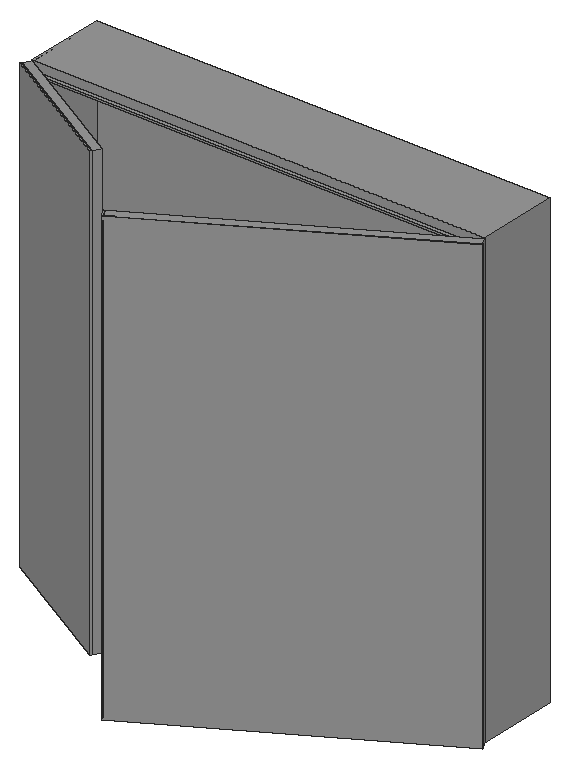
Revit family "Hager-Univers-IP44-D161-H800-Cl.II-FWQ_encl-NoHosted-AT-de", category Equipement électrique, Revit 2020
Family settings
  Configuration du panneau = Deux colonnes, circuits au sein
  Cote de connecteur circulaire = Utiliser le diamètre
  Type d'élément = Tableau de raccordement
  Basée sur le plan de construction = Oui
  Toujours verticalement = Oui
  Couper avec des vides une fois chargée = Non
  Partagée = Non
  Point de calcul de pièce = Non
Parameters (values of type "Aufputz IP44 B800 H800 T161  - FWQ53P")
  Width Control [instance] = if([EF000008 - Breite] > Min Width, [EF000008 - Breite], Min Width)  # 800 mm
  Commentaires du type = [HG000003 - Bereich]  # "Univers"
  Thickness Door [instance] = if([EF009171 - Materialstärke Tür/Deckel] > 3 mm, 3 mm, [EF009171 - Materialstärke Tür/Deckel])  # 2 mm
  Seal Frame Offset [instance] = 17 mm  # constant formula
  Plinth Visibility [instance] = [HG000027 - Sockelhöhe] > 0 mm  # no
  Min Width [instance] = 100 mm  # constant formula
  Min Depth [instance] = (2 * [EF009170 - Materialstärke Gehäuse]) + 1 mm  # 5 mm
  Min Height [instance] = 100 mm  # constant formula
  Internal Frame Depth [instance] = (Door System Depth * 0.5)  # 9 mm
  Panel Name [instance] = ""  # (empty or 0)
  Model = ""
  HG000027 - Sockelhöhe = 0 mm
  HG000026 - Stehend auf dem Boden = no
  HG000024 - Höhe des unteren Teils = 600 mm
  HG000023 - Gehäuse mit doppeltem Querschnitt = no
  HG000016 - 3D-Türsichtbarkeit [instance] = yes
  HG000015 - Sichtbarkeit der Türöffnung [instance] = no
  HG000014 - Tür rechts [instance] = yes
  HG000013 - Tür links [instance] = not([HG000014 - Tür rechts])  # no
  HG000012 - Türschwenkwinkel [instance] = 30.00°
  HG000010 - Asymmetrische Türen = yes
  HG000009 - Doppelflügeligen Tür = yes
  HG000006 - Unterputz = no
  HG000004 - Herstellerreferenz = "FWQ53P"
  HG000003 - Bereich = "Univers"
  HG000002 - Mit tür = yes
  Frame Offset Bottom [instance] = 10 mm  # constant formula
  Frame Offset [instance] = 15 mm  # constant formula
  EF015940 - Deckel mit Überdruckentlastung = no
  EF011959 - Schutzart (NEMA) = ""
  EF009554 - Anzahl der Öffnungen für Flanschplatten = 6
  EF009212 - Ausführung Deckel = "EV009916 - mit Ausschnitt"
  EF009171 - Materialstärke Tür/Deckel = 2 mm
  EF009170 - Materialstärke Gehäuse = 2 mm
  EF008873 - Nennstrom (In) = 125 A
  EF007800 - Geeignet für Blitzschutz = no
  EF006306 - Mit Schloss = no
  EF006244 - Transparenter Deckel/Tür = no
  EF005474 - Schutzart (IP) = "EV006418 - IP44"
  EF004464 - Art der Tür = "EV002646 - Einzel"
  EF004427 - Anzahl der Module = 180
  EF004293 - Schlagfestigkeit = "EV006815 - IK09"
  EF003532 - Geeignet für Außengebrauch = no
  EF002950 - Breite in Teilungseinheiten = 36
  EF001613 - Funktionserhalt = "EV000494 - ohne"
  EF001596 - Werkstoff des Gehäuses = "EV000179 - Stahl"
  EF001131 - Innentiefe = 161 mm
  EF001088 - Anbaumöglichkeit = yes
  EF000437 - Anzahl der Leitungseinführungen = 12
  EF000339 - Art der Abdeckung = "EV001012 - Deckel"
  EF000266 - Anzahl der Reihen = 3
  EF000218 - Einbautiefe = 0 mm
  EF000118 - Mit Montageplatte = yes
  EF000116 - RAL-Nummer = "9010"
  EF000049 - Tiefe = 161 mm
  EF000040 - Höhe = 800 mm
  EF000008 - Breite = 800 mm
  EF000007 - Farbe = "EV000202 - weiß"
  EF000003 - Montageart = "EV000384 - Aufputz"
  Door System Leaf Tolerance [instance] = 1.5 mm  # constant formula
  Door System Depth [instance] = 18 mm  # constant formula
  Door Height [instance] = Height Control - [HG000027 - Sockelhöhe]  # 800 mm
  Description = ""
  Default Elevation = 1219.2 mm
  Connector Offset [instance] = Height Control / 2  # 400 mm
  Fabricant = "Hager"  # constant formula
  Height Control [instance] = if([EF000040 - Höhe] > Min Height, [EF000040 - Höhe], Min Height)  # 800 mm
  Depth Control [instance] = if([EF000049 - Tiefe] > Min Depth, [EF000049 - Tiefe], Min Depth)  # 161 mm
  Bottom Top Plate Trim [instance] = 1.5 mm  # constant formula
  Plinth height Ctrl [instance] = if([HG000027 - Sockelhöhe] > 0 mm, [HG000027 - Sockelhöhe], 12 mm)  # 12 mm
Types (4, lengths in mm): name | Width Control | HG000010 - Asymmetrische Türen | HG000009 - Doppelflügeligen Tür | HG000004 - Herstellerreferenz | EF009554 - Anzahl der Öffnungen für Flanschplatten | EF004427 - Anzahl der Module | EF002950 - Breite in Teilungseinheiten | EF000437 - Anzahl der Leitungseinführungen | EF000266 - Anzahl der Reihen | EF000008 - Breite
  Aufputz IP44 B1050 H800 T161  - FWQ54P | 1050 | no | yes | "FWQ54P" | 8 | 240 | 48 | 16 | 4 | 1050
  Aufputz IP44 B300 H800 T161  - FWQ51P | 300 | no | no | "FWQ51P" | 2 | 60 | 12 | 4 | 1 | 300
  Aufputz IP44 B550 H800 T161  - FWQ52P | 550 | no | no | "FWQ52P" | 4 | 120 | 24 | 8 | 2 | 550
  Aufputz IP44 B800 H800 T161  - FWQ53P | 800 | yes | yes | "FWQ53P" | 6 | 180 | 36 | 12 | 3 | 800
Reference planes
  plane 1 "Center (Front/Back)": y = 0
  plane 2: z = 0
  plane 3 "Center (Left/Right)": x = 0
  plane 4: y = 0
  plane 5: y = 0
  plane 6: z = 0
  plane 7: x = -400
  plane 8: x = 400
  plane 9: x = 398
  plane 10: x = -398
  plane 11: z = 0
  plane 12: z = 2
  plane 13: y = -161
  plane 14: y = -2
  plane 15: x = 0
  plane 16: y = -143
  plane 17: y = -159
  plane 18: y = -141
  plane 19: x = -383
  plane 20: x = 383
  plane 21: z = 12
  plane 22: x = -383
  plane 23: x = 383
  plane 24: z = 0
  plane 25: z = 800
  plane 26: z = 800
  plane 27: z = 783
  plane 28: z = 798
Forms (mm)
  Extrusion 1, solid, material "Hager_Steel_RAL7035_Light_Grey", detail levels medium+fine
    sketch origin (-208.679, -4572, 0) x (-1, 0, 0) y (0, -1, 0)
      loop
        line (191.321, -4429) -> (-608.679, -4429) -> (-608.679, -4572) -> (191.321, -4572) -> (191.321, -4429)
    from 0 to 800
  Extrusion 2, void
    sketch origin (-350.771, -161, 1219.2) x (1, 0, 0) y (0, 0, 1)
      loop
        line (-47.229, -421.2) -> (-47.229, -1217.2) -> (748.771, -1217.2) -> (748.771, -421.2) -> (-47.229, -421.2)
    from -20 to -159
  Extrusion 3, void
    sketch origin (-290.084, -143, 1219.2) x (1, 0, 0) y (0, 0, 1)
      loop
        line (-92.916, -1207.2) -> (673.084, -1207.2) -> (673.084, -436.2) -> (-92.916, -436.2) -> (-92.916, -1207.2)
    from 0 to -2
  Extrusion 4, solid, material "Hager_Steel_RAL7035_Light_Grey", visible <- "Plinth Visibility", detail levels medium+fine
    sketch origin (0, 0, 0) x (1, 0, 0) y (0, 1, 0)
      loop
        line (-400, 0) -> (-400, -143) -> (400, -143) -> (400, 0) -> (-400, 0)
    from 0 to 12 <- "Plinth height Ctrl"
  Extrusion 5, solid, material "Hager_Steel_RAL7035_Light_Grey", detail levels coarse
    sketch origin (0, 0, 0) x (1, 0, 0) y (0, 1, 0)
      loop
        line (-400, 0) -> (-400, -161) -> (400, -161) -> (400, 0) -> (-400, 0)
    from 0 to 800 <- "Height Control"
  Sweep 6, void
    path in 3D
      loop
        line (-400, -143, 12) -> (400, -143, 12) -> (400, 0, 12) -> (-400, 0, 12) -> (-400, -143, 12)
    profile origin (-400, -71.5, 12) x (1, 0, 0) y (0, 0, 1)
      loop
        line (0, 0) -> (0, -1.5) -> (1.5, -1.5)
        arc (1.5, -1.5) -> (1.061, -0.439) -> (0, 0) r 1.5
  Extrusion 7, solid, material "Hager_Steel_RAL7035_Light_Grey", detail levels fine
    sketch origin (-400, -143, 0) x (1, 0, 0) y (0, 0, 1)
      loop
        line (17, 12) -> (783, 12) -> (783, 783) -> (17, 783) -> (17, 12)
      loop
        line (15, 10) -> (785, 10) -> (785, 785) -> (15, 785) -> (15, 10)
    from 0 to 9 <- "Internal Frame Depth"
Cuts and joins
  Extrusion 2, Extrusion 3 cuts Extrusion 1
  Sweep 6 cuts Extrusion 4
Lines and regions (mm)
  Masking region 1
    outline origin (0, 0, 0) x (1, 0, 0) y (0, 1, 0)
      loop
        line (-400, 0) -> (-400, -161) -> (400, -161) -> (400, 0) -> (-400, 0)
  Masking region 2, detail levels coarse
    outline origin (-290.084, -143, 1219.2) x (-1, 0, 0) y (0, 0, 1)
      loop
        line (-690.084, -1219.2) -> (109.916, -1219.2) -> (109.916, -419.2) -> (-690.084, -419.2) -> (-690.084, -1219.2)
  Masking region 3, detail levels coarse
    outline origin (0, 0, 0) x (0, 1, 0) y (0, 0, 1)
      loop
        line (0, 0) -> (0, 800) -> (-161, 800) -> (-161, 0) -> (0, 0)
  Masking region 4, visible <- "Plinth Visibility", detail levels medium+fine
    outline origin (0, 0, 0) x (0, 1, 0) y (0, 0, 1)
      loop
        line (-1.5, 12) -> (-141.5, 12)
        arc (-141.5, 12) -> (-141.939, 10.939) -> (-143, 10.5) r 1.5
        line (-143, 10.5) -> (-143, 0) -> (0, 0) -> (0, 10.5)
        arc (0, 10.5) -> (-1.061, 10.939) -> (-1.5, 12) r 1.5
  Masking region 5, detail levels medium+fine
    outline origin (0, 0, 594.038) x (0, 1, 0) y (0, 0, 1)
      loop
        line (0, -594.038) -> (0, 205.962) -> (-143, 205.962) -> (-143, -594.038) -> (0, -594.038)
  Masking region 6, detail levels medium+fine
    outline origin (-359.7, -143, 1211.883) x (-1, 0, 0) y (0, 0, 1)
      loop
        line (-759.7, -1211.883) -> (40.3, -1211.883) -> (40.3, -411.883) -> (-759.7, -411.883) -> (-759.7, -1211.883)
  Masking region 7, visible <- "Plinth Visibility", detail levels medium+fine
    outline origin (-320.334, -143, 1041.368) x (-1, 0, 0) y (0, 0, 1)
      loop
        line (-720.334, -1041.368) -> (79.666, -1041.368) -> (79.666, -1030.868)
        arc (79.666, -1030.868) -> (78.606, -1030.429) -> (78.166, -1029.368) r 1.5
        line (78.166, -1029.368) -> (-718.834, -1029.368)
        arc (-718.834, -1029.368) -> (-719.273, -1030.429) -> (-720.334, -1030.868) r 1.5
        line (-720.334, -1030.868) -> (-720.334, -1041.368)
  sketch lines
    curve 1: line (-400, 0, 12) -> (-400, -143, 12)
    curve 2: line (-400, -143, 12) -> (400, -143, 12)
    curve 3: line (400, 0, 12) -> (-400, 0, 12)
    curve 4: line (400, -143, 12) -> (400, 0, 12)
Dimensions and locks
  locked: plane 1 "Center (Front/Back)" to plane 5
  "EF009170 - Materialstärke Gehäuse": plane 7 to plane 10
  "EF009170 - Materialstärke Gehäuse": plane 8 to plane 9
  equal spacing: plane 7, plane 3 "Center (Left/Right)", plane 8
  "Width Control": plane 7 to plane 8
  "Depth Control": plane 4 to plane 13
  "EF009170 - Materialstärke Gehäuse": plane 4 to plane 14
  "Height Control": plane 25 to level
  "HG000027 - Sockelhöhe": plane 11 to level
  "EF009170 - Materialstärke Gehäuse": plane 12 to plane 11
  "EF009170 - Materialstärke Gehäuse": plane 17 to plane 13
  "EF009170 - Materialstärke Gehäuse": plane 18 to plane 16
  "Frame Offset Bottom": plane 21 to plane 12
  "Frame Offset": plane 10 to plane 19
  "Frame Offset": plane 9 to plane 20
  "Door System Depth": plane 16 to plane 13
  "Seal Frame Offset": plane 7 to plane 22
  "Seal Frame Offset": plane 8 to plane 23
  "EF009170 - Materialstärke Gehäuse": plane 26 to plane 28
  "Frame Offset": plane 28 to plane 27
  "Connector Offset": plane 2 to connector elem
  "Bottom Top Plate Trim": profile plane to Sweep 6 sketch curve
  "Bottom Top Plate Trim": Sweep 6 sketch curve to Sweep 6 sketch curve
  "Plinth height Ctrl": Masking region 4 sketch curve to level
  "Plinth height Ctrl": Masking region 7 sketch curve to level
  "Thickness Door": Extrusion 7 sketch curve to Extrusion 7 sketch curve  (x4)
  "Bottom Top Plate Trim": radius of Sweep 6 sketch curve
  "Bottom Top Plate Trim": radius of Masking region 4 sketch curve  (x2)
  "Bottom Top Plate Trim": radius of Masking region 7 sketch curve  (x2)
  aligned and locked: Extrusion 2 sketch curve to plane 12
  aligned and locked: Extrusion 2 sketch curve to plane 9
  aligned and locked: Extrusion 2 sketch curve to plane 10
  aligned and locked: Extrusion 2 to plane 14
  aligned and locked: Extrusion 1 sketch curve to plane 4
  aligned and locked: plane 8 to Extrusion 1 sketch curve
  aligned and locked: plane 7 to Extrusion 1 sketch curve
  aligned and locked: Extrusion 2 to plane 18
  aligned and locked: Extrusion 3 sketch curve to plane 19
  aligned and locked: plane 20 to Extrusion 3 sketch curve
  aligned and locked: Extrusion 3 to Extrusion 2
  aligned and locked: Extrusion 3 sketch curve to plane 21
  aligned and locked: plane 3 "Center (Left/Right)" to nested 1
  aligned and locked: Extrusion 1 sketch curve to plane 16
  aligned and locked: Extrusion 4 sketch curve to cut or joined group of Extrusion 1, Extrusion 2, Extrusion 3
  aligned and locked: Masking region 1 sketch curve to plane 7
  aligned and locked: Masking region 1 sketch curve to plane 5
  aligned and locked: Masking region 1 sketch curve to plane 8
  aligned and locked: Masking region 2 sketch curve to level
  aligned and locked: level to Masking region 3 sketch curve
  aligned and locked: plane 1 "Center (Front/Back)" to Masking region 3 sketch curve
  aligned and locked: plane 13 to Masking region 3 sketch curve
  aligned and locked: plane 5 to Masking region 4 sketch curve
  aligned and locked: Masking region 2 sketch curve to plane 8
  aligned and locked: Masking region 2 sketch curve to plane 7
  aligned and locked: plane 7 to nested 2
  aligned and locked: nested 2 to plane 5
  aligned and locked: plane 5 to Masking region 5 sketch curve
  aligned and locked: plane 26 to Masking region 5 sketch curve
  aligned and locked: Extrusion 5 sketch curve to plane 8
  aligned and locked: Extrusion 5 sketch curve to plane 7
  aligned and locked: Extrusion 5 sketch curve to plane 5
  aligned and locked: Extrusion 3 sketch curve to plane 27
  aligned and locked: Extrusion 2 sketch curve to plane 28
  aligned and locked: Masking region 2 to plane 25
  aligned and locked: Extrusion 4 to plane 16
  aligned and locked: profile plane to Sweep 6 sketch curve
  aligned and locked: Masking region 5 sketch curve to plane 24
  aligned and locked: level to Masking region 4 sketch curve
  aligned and locked: Masking region 1 to plane 13
  aligned and locked: nested 1 to plane 16
  aligned and locked: Masking region 3 to plane 25
  aligned and locked: plane 16 to Masking region 4 sketch curve
  aligned and locked: Masking region 5 sketch curve to plane 16
  aligned and locked: plane 24 to plane 11
  aligned and locked: plane 26 to plane 25
  aligned and locked: plane 26 to cut or joined group of Extrusion 1, Extrusion 2, Extrusion 3
  aligned and locked: nested 1 to plane 24
  aligned and locked: Extrusion 1 to Extrusion 3
  aligned and locked: Masking region 6 sketch curve to plane 8
  aligned and locked: Masking region 6 sketch curve to plane 24
  aligned and locked: Masking region 6 sketch curve to plane 7
  aligned and locked: Masking region 6 sketch curve to plane 26
  aligned and locked: Masking region 7 sketch curve to plane 7
  aligned and locked: level to Masking region 7 sketch curve
  aligned and locked: Masking region 7 sketch curve to plane 8
  aligned and locked: Extrusion 7 sketch curve to cut or joined group of Extrusion 1, Extrusion 2, Extrusion 3  (x4)
Automatic sketch dimensions
  plane 19 to Extrusion 3 sketch curve = 0 mm
  Extrusion 3 sketch curve to plane 20 = 0 mm
  Extrusion 3 sketch curve to plane 21 = 0 mm
  Extrusion 4 sketch curve to plane 7 = 0 mm
  Extrusion 4 sketch curve to plane 8 = 0 mm
  Extrusion 4 sketch curve to plane 16 = 0 mm
  Masking region 1 sketch curve to plane 13 = 0 mm
  Masking region 2 sketch curve to plane 25 = 0 mm
  Masking region 3 sketch curve to plane 25 = 0 mm
  Extrusion 5 sketch curve to plane 13 = 0 mm
  profile plane to Sweep 6 sketch curve = 0 mm
Nested families
  nested 1: "EC000058_Univers_Door" at (0, -143, 0), Double <- "HG000009 - Doppelflügeligen Tür", Transparent <- "EF006244 - Transparenter Deckel/Tür", Angle <- "HG000012 - Türschwenkwinkel", Door_Right <- "HG000014 - Tür rechts", Assymetrical <- "HG000010 - Asymmetrische Türen", Door <- "HG000002 - Mit tür", Width_Ctrl <- "Width Control", 3d_Door <- "HG000016 - 3D-Türsichtbarkeit", Clearance <- "HG000015 - Sichtbarkeit der Türöffnung", Door_Left <- "HG000013 - Tür links", Width <- "Width Control", Door_Depth <- "Door System Depth", Leaf_Tolerance <- "Door System Leaf Tolerance", Height <- "Door Height", Lock_Visibility <- "EF006306 - Mit Schloss", Thickness <- "Thickness Door", type "EC000058_Univers_Door", detail levels medium+fine
    with min_wh 5 mm, Width_Ctrl 800 mm, Width 800 mm, Transparent no, Thickness 2 mm, Seal_Material Hager_Rubber, Lock_Visibility no, Lock_Material Hager_Plastic_RAL9005_Jet_Black, Leaf_Width 800 mm, Leaf_Tolerance_External_Sides 0 mm, Leaf_Tolerance 1.5 mm, Leaf_Offset 0 mm, Leaf_Height 797 mm, Leaf_2_Width 532.583 mm, Leaf_2_Offset 266.292 mm, Leaf_1_Width 265.917 mm, Leaf_1_Offset 132.958 mm, Height_Ctrl 800 mm, Height 800 mm, Glass_Material Hager_Glass, Double_Clearance_Ctrl no, Double yes, Door_Right_Ctrl yes, Door_Right yes, Door_Material Hager_Steel_RAL7035_Light_Grey, Door_Left_Ctrl yes, Door_Left no, Door_Depth 18 mm, Door yes, Clearance_Material Hager_Clearance, Clearance_Depth 532.583 mm, Clearance_Ctrl no, Clearance no, Assymetrical yes, Angle 30.00°, 3d_Door yes
  nested 2: "Hager_Enclosure_Symbol" at (-400, 0, 0), Height <- "Depth Control", Width <- "Width Control", type "Hager_Enclosure_Symbol"
    with Width_Ctrl 800 mm, Width 800 mm, Height_Ctrl 161 mm, Height 161 mm, A_Width_Int 10.566 mm, A_Width 126.788 mm, A_Height_Ctrl 140.875 mm, A_Height 140.875 mm
Connectors
  electrical at (0, 0, 400)
    settings: on plane 1 "Center (Front/Back)", index 1, voltage 0 V, apparent load 0 VA, apparent load phase1 0 VA, apparent load phase2 0 VA, apparent load phase3 0 VA, power factor 1, load classification "Other", number of poles 1, system type 30, power factor state 1, is connector primary yes, connector utility no, sub classification motor no, connector description ""
Definition of nested family "EC000058_Univers_Door"
  Parameters (values of type "EC000058_Univers_Door")
    min_wh [instance] = (2 * Thickness) + 1 mm  # 11 mm
    Width_Ctrl [instance] = 400 mm
    Width [instance] = 500 mm
    Transparent [instance] = yes
    Thickness [instance] = 5 mm
    Seal_Material [instance] = none
    Lock_Visibility [instance] = yes
    Lock_Material [instance] = none
    Leaf_Width [instance] = if((Width_Ctrl - 2 * Leaf_Tolerance_External_Sides) > 0 mm, (Width_Ctrl - 2 * Leaf_Tolerance_External_Sides), min_wh)  # 400 mm
    Leaf_Tolerance_External_Sides [instance] = 0 mm  # constant formula
    Leaf_Tolerance [instance] = 1.5 mm
    Leaf_Offset [instance] = 0 mm  # constant formula
    Leaf_Height [instance] = if((Height_Ctrl - 2 * Leaf_Tolerance) > 0 mm, (Height_Ctrl - 2 * Leaf_Tolerance), min_wh)  # 497 mm
    Leaf_2_Width [instance] = if(and(and(Double, Assymetrical), Door_Left), (Leaf_Width / 3) - (Leaf_Tolerance / 2), if(and(and(Double, Assymetrical), Door_Right), (Leaf_Width / 3) * 2 - (Leaf_Tolerance / 2), if(and(Double, not(Assymetrical)), (Leaf_Width / 2) - Leaf_Tolerance, Leaf_Width)))  # 400 mm
    Leaf_2_Offset [instance] = if(and(Double, Assymetrical), Leaf_2_Width / 2, if(and(Double, not(Assymetrical)), Leaf_Width / 4, Leaf_Width / 2))  # 200 mm
    Leaf_1_Width [instance] = if(and(and(Double, Assymetrical), Door_Right), (Leaf_Width / 3) - (Leaf_Tolerance / 2), if(and(and(Double, Assymetrical), Door_Left), (Width / 3) * 2 - (Leaf_Tolerance / 2), if(and(Double, not(Assymetrical)), (Leaf_Width / 2) - Leaf_Tolerance, Leaf_Width)))  # 400 mm
    Leaf_1_Offset [instance] = if(and(Double, Assymetrical), Leaf_1_Width / 2, if(and(Double, not(Assymetrical)), Leaf_Width / 4, Leaf_Width / 2))  # 200 mm
    Height_Ctrl [instance] = if(Height > min_wh, Height, min_wh)  # 500 mm
    Height [instance] = 500 mm
    Glass_Material [instance] = none
    Double_Clearance_Ctrl [instance] = and(Double, Clearance)  # no
    Double [instance] = no
    Door_Right_Ctrl [instance] = and(or(Door_Right, Double), Door)  # yes
    Door_Right [instance] = yes
    Door_Material [instance] = none
    Door_Left_Ctrl [instance] = and(or(Door_Left, Double), Door)  # no
    Door_Left [instance] = no
    Door_Depth [instance] = 30 mm
    Door [instance] = yes
    Default Elevation = 1219.2 mm
    Clearance_Material [instance] = none
    Clearance_Depth [instance] = if(Leaf_1_Width > Leaf_2_Width, Leaf_1_Width, Leaf_2_Width)  # 400 mm
    Clearance_Ctrl [instance] = and(not(Double), Clearance)  # yes
    Clearance [instance] = yes
    Assymetrical [instance] = yes
    Angle [instance] = 30.00°
    3d_Door [instance] = yes
  Reference planes
    plane 1 "Center (Front/Back)": y = 0
    plane 2 "Bottom": z = 0
    plane 3 "Center (Left/Right)": x = 0
    plane 4: z = 500
    plane 5: x = -200
    plane 6: x = 200
    plane 7: z = 500
    plane 8: x = -200
    plane 9: z = 0
    plane 10: x = 200
    plane 11: y = 0
    plane 12: z = 1.5
    plane 13: x = -600
    plane 14: y = -400
    plane 15: x = 600
    plane 16: x = 0
    plane 17: x = 0
    plane 18: x = -200
    plane 19: x = 200
    plane 20: z = 498.5
  Forms (mm)
    Extrusion 1, solid, material <- "Clearance_Material", visible <- "Double_Clearance_Ctrl"
      sketch origin (1200, 0, 0) x (1, 0, 0) y (0, 0, -1)
        loop
          line (-1800, -498.5) -> (-600, -498.5) -> (-600, 0) -> (-1800, 0) -> (-1800, -498.5)
      from 0 to -400
  Dimensions and locks
    equal spacing: plane 5, plane 3 "Center (Left/Right)", plane 6
    "Width_Ctrl": plane 5 to plane 6
    "Leaf_Offset": plane 5 to plane 8
    "Leaf_Offset": plane 6 to plane 10
    "Leaf_Offset": plane 9 to level
    "Leaf_Offset": plane 4 to plane 7
    "Height_Ctrl": plane 4 to level
    "Leaf_Tolerance": plane 12 to plane 9
    locked: plane 11 to plane 1 "Center (Front/Back)"
    "Leaf_1_Offset": plane 18 to plane 16
    "Leaf_2_Offset": plane 17 to plane 19
    "Leaf_1_Width": plane 13 to plane 8
    "Leaf_2_Width": plane 10 to plane 15
    "Clearance_Depth": plane 14 to plane 1 "Center (Front/Back)"
    "Leaf_Tolerance_External_Sides": plane 8 to plane 18
    "Leaf_Tolerance_External_Sides": plane 19 to plane 10
    "Leaf_Tolerance": plane 7 to plane 20
    aligned and locked: level to plane 2 "Bottom"
    aligned and locked: nested 1 to plane 16
    aligned and locked: nested 2 to plane 17
    aligned and locked: Extrusion 1 to plane 13
    aligned and locked: plane 15 to Extrusion 1
    aligned and locked: Extrusion 1 to plane 14
    aligned and locked: plane 12 to nested 1
    aligned and locked: nested 2 to plane 12
    aligned and locked: Extrusion 1 to plane 11
    aligned and locked: plane 20 to Extrusion 1
    aligned and locked: nested 2 to plane 11
    aligned and locked: nested 1 to plane 11
  Automatic sketch dimensions
    Extrusion 1 sketch curve to level = 0 mm
    plane 5 to Extrusion 1 sketch curve = 400 mm
    plane 6 to Extrusion 1 sketch curve = 400 mm
    Extrusion 1 sketch curve to plane 4 = 1.5 mm
  Nested families
    nested 1: "EC000058_Univers_Door_Leaf" at (0, 0, 1.5), Width <- "Leaf_1_Width", visible <- "Door_Left_Ctrl", Leaf_Height <- "Leaf_Height", Angle <- "Angle", 3d_Door <- "3d_Door", Transparent <- "Transparent", Clearance Material <- "Clearance_Material", Clearance <- "Clearance_Ctrl", Door_Material <- "Door_Material", Glass_Material <- "Glass_Material", Door_Depth <- "Door_Depth", Lock_Material <- "Lock_Material", Seal_Material <- "Seal_Material", Lock_Visibility <- "Lock_Visibility", Thickness <- "Thickness", type "EC000058_Univers_Door_Leaf"
      with Width 400 mm, Transparent_Glass_Offset 30 mm, Transparent_Ctrl yes, Transparent yes, Thickness 5 mm, Standard no, Seal_Material none, Seal_D2 8 mm, Seal_D1 1 mm, Offset_Internal_Frame 10 mm, Lock_Width 20 mm, Lock_Visibility_3d yes, Lock_Visibility yes, Lock_Thickness_3 3 mm, Lock_Thickness_2 1 mm, Lock_Thickness_1 3 mm, Lock_Radius_Offset_2 16 mm, Lock_Radius_Offset_1 15 mm, Lock_Radius_2 5 mm, Lock_Radius 6 mm, Lock_Offset 5 mm, Lock_Material none, Lock_Height 80 mm, Lock_Cover_Top_Offset_2d 17 mm, Lock_Cover_Height -65 mm, Leaf_Height 497 mm, Internal_Seal_Thickness 8 mm, Internal_Seal_Depth_2 4.5 mm, Internal_Frame_Depth 25 mm, Glass_Thickness -1 mm, Glass_Offset -2 mm, Glass_Material none, Door_Material none, Door_Depth 30 mm, Clearance Material none, Clearance yes, Angle_Ctrl 30.00°, Angle 30.00°, 3d_Door yes
    nested 2: "EC000058_Univers_Door_Leaf" at (0, 0, 1.5) x (-1, 0, 0) z (0, 0, 1), Width <- "Leaf_2_Width", visible <- "Door_Right_Ctrl", Leaf_Height <- "Leaf_Height", Angle <- "Angle", 3d_Door <- "3d_Door", Transparent <- "Transparent", Clearance Material <- "Clearance_Material", Clearance <- "Clearance_Ctrl", Door_Material <- "Door_Material", Glass_Material <- "Glass_Material", Door_Depth <- "Door_Depth", Lock_Material <- "Lock_Material", Seal_Material <- "Seal_Material", Lock_Visibility <- "Lock_Visibility", Thickness <- "Thickness", type "EC000058_Univers_Door_Leaf"
      with Width 400 mm, Transparent_Glass_Offset 30 mm, Transparent_Ctrl yes, Transparent yes, Thickness 5 mm, Standard no, Seal_Material none, Seal_D2 8 mm, Seal_D1 1 mm, Offset_Internal_Frame 10 mm, Lock_Width 20 mm, Lock_Visibility_3d yes, Lock_Visibility yes, Lock_Thickness_3 3 mm, Lock_Thickness_2 1 mm, Lock_Thickness_1 3 mm, Lock_Radius_Offset_2 16 mm, Lock_Radius_Offset_1 15 mm, Lock_Radius_2 5 mm, Lock_Radius 6 mm, Lock_Offset 5 mm, Lock_Material none, Lock_Height 80 mm, Lock_Cover_Top_Offset_2d 17 mm, Lock_Cover_Height -65 mm, Leaf_Height 497 mm, Internal_Seal_Thickness 8 mm, Internal_Seal_Depth_2 4.5 mm, Internal_Frame_Depth 25 mm, Glass_Thickness -1 mm, Glass_Offset -2 mm, Glass_Material none, Door_Material none, Door_Depth 30 mm, Clearance Material none, Clearance yes, Angle_Ctrl 30.00°, Angle 30.00°, 3d_Door yes
  Definition of nested family "EC000058_Univers_Door_Leaf"
    Parameters (values of type "EC000058_Univers_Door_Leaf")
      Width [instance] = 2000 mm
      Transparent_Glass_Offset [instance] = 30 mm
      Transparent_Ctrl [instance] = and(Transparent, [3d_Door])  # yes
      Transparent [instance] = yes
      Thickness [instance] = 5 mm
      Standard [instance] = and(not(Transparent), [3d_Door])  # no
      Seal_Material [instance] = none
      Seal_D2 [instance] = 8 mm  # constant formula
      Seal_D1 [instance] = 1 mm  # constant formula
      Offset_Internal_Frame [instance] = 10 mm  # constant formula
      Lock_Width [instance] = 20 mm  # constant formula
      Lock_Visibility_3d [instance] = and(Lock_Visibility, [3d_Door])  # yes
      Lock_Visibility [instance] = yes
      Lock_Thickness_3 [instance] = 3 mm  # constant formula
      Lock_Thickness_2 [instance] = 1 mm  # constant formula
      Lock_Thickness_1 [instance] = 3 mm  # constant formula
      Lock_Radius_Offset_2 [instance] = Lock_Radius_Offset_1 + 1 mm  # 16 mm
      Lock_Radius_Offset_1 [instance] = 15 mm  # constant formula
      Lock_Radius_2 [instance] = Lock_Radius - 1 mm  # 5 mm
      Lock_Radius [instance] = 6 mm  # constant formula
      Lock_Offset [instance] = 5 mm  # constant formula
      Lock_Material [instance] = none
      Lock_Height [instance] = 80 mm  # constant formula
      Lock_Cover_Top_Offset_2d [instance] = Lock_Radius_Offset_2 + 1 mm  # 17 mm
      Lock_Cover_Height [instance] = -(Lock_Height - Lock_Radius_Offset_1)  # -65 mm
      Leaf_Height [instance] = 2720.336 mm
      Internal_Seal_Thickness [instance] = 8 mm  # constant formula
      Internal_Seal_Depth_2 [instance] = 4.5 mm  # constant formula
      Internal_Frame_Depth [instance] = if(Door_Depth - Thickness > 5 mm, Door_Depth - Thickness, 5 mm)  # 25 mm
      Glass_Thickness [instance] = if(Thickness > 15 mm, Glass_Offset + 10 mm, -1 mm)  # -1 mm
      Glass_Offset [instance] = if(Thickness > 15 mm, -(Thickness + 10 mm) / 2, -2 mm)  # -2 mm
      Glass_Material [instance] = none
      Door_Material [instance] = none
      Door_Depth [instance] = 30 mm
      Default Elevation = 0 mm
      Clearance Material [instance] = none
      Clearance [instance] = yes
      Angle_Ctrl [instance] = if(Angle > 180.00°, 180.00°, Angle)  # 90.00°
      Angle [instance] = 90.00°
      3d_Door [instance] = yes
    Reference planes
      plane 1 "Center (Front/Back)": y = 0
      plane 2: z = 0
      plane 3 "Center (Left/Right)": x = 0
      plane 4: y = 2000
      plane 5: x = -1000
      plane 6: x = 1000
      plane 7: x = -3000
      plane 8: z = 2720.336
      plane 9: z = 30
      plane 10: z = 2690.336
      plane 11: x = 970
      plane 12: x = -970
      plane 13: y = -3
      plane 14: z = 107.833
      plane 15: y = -5
      plane 16: y = -223.314
      plane 17: x = -1000
      plane 18: z = 1360.168
      plane 19: y = 30
    Forms (mm)
      Extrusion 1, solid, material <- "Clearance Material", visible <- "Clearance"
        sketch origin (0, 0, 0) x (1, 0, 0) y (0, 0, 1)
          loop
            line (-3000, 2720.336) -> (-3000, 0) -> (1000, 0) -> (1000, 2720.336) -> (-3000, 2720.336)
        from 0 to -2000
      Extrusion 2, solid, material <- "Door_Material", visible <- "Standard", detail levels medium+fine
        sketch origin (-1000, 0, 0) x (0, 1, 0) y (-1, 0, 0)
          loop
            line (0, 30) -> (0, 25) -> (2000, 25) -> (2000, 30) -> (0, 30)
        from 0 to 2720.336 <- "Leaf_Height"
      Extrusion 3, solid, material <- "Door_Material", visible <- "Transparent_Ctrl", detail levels medium+fine
        sketch origin (-1000, 0, 0) x (0, 1, 0) y (-1, 0, 0)
          loop
            line (0, 25) -> (2000, 25) -> (2000, 30) -> (0, 30) -> (0, 25)
        from 0 to 2720.336 <- "Leaf_Height"
      Extrusion 4, void
        sketch origin (-1025, 2000, 0) x (0, 1, 0) y (0, 0, -1)
          loop
            line (-30, -2690.336) -> (-30, -30) -> (-1970, -30) -> (-1970, -2690.336) -> (-30, -2690.336)
        from 0 to 5 <- "Thickness"
      Sweep 5, solid, material <- "Seal_Material", visible <- "Transparent_Ctrl", detail levels fine
        path in 3D
          loop
            line (-1025, 30, 30) -> (-1025, 30, 2690.336) -> (-1025, 1970, 2690.336) -> (-1025, 1970, 30) -> (-1025, 30, 30)
        profile origin (-1025, 1000, 30) x (1, 0, 0) y (0, 0, 1)
          loop
            line (0, 0) -> (0, -8) -> (1, -8) -> (1, 0) -> (0, 0)
      Extrusion 6, solid, material <- "Glass_Material", visible <- "Transparent_Ctrl", detail levels medium+fine
        sketch origin (-1030, 0, 0) x (0, 1, 0) y (0, 0, -1)
          loop
            line (1970, -2690.336) -> (1970, -30) -> (30, -30) -> (30, -2690.336) -> (1970, -2690.336)
        from -2 <- "Glass_Offset" to -1 <- "Glass_Thickness"
      Extrusion 7, solid, material <- "Door_Material", visible <- "3d_Door", detail levels medium+fine
        sketch origin (-1025, 2000, 0) x (0, -1, 0) y (0, 0, -1)
          loop
            line (0, -2720.336) -> (2000, -2720.336) -> (2000, 0) -> (0, 0) -> (0, -2720.336)
          loop
            line (1995, -5) -> (5, -5) -> (5, -2715.336) -> (1995, -2715.336) -> (1995, -5)
        from 0 to 25 <- "Internal_Frame_Depth"
      Sweep 8, solid, material <- "Seal_Material", visible <- "Transparent_Ctrl", detail levels fine
        path in 3D
          loop
            line (-1025, 0, 0) -> (-1025, 2000, 0) -> (-1025, 2000, 2720.336) -> (-1025, 0, 2720.336) -> (-1025, 0, 0)
        profile origin (-1025, 0, 1360.168) x (1, 0, 0) y (0, 1, 0)
          loop
            line (0, 10) -> (2.975, 10)
            arc (2.975, 10) -> (4.053, 10.447) -> (4.5, 11.525) r 1.525
            line (4.5, 11.525) -> (4.5, 16.527)
            arc (4.5, 16.527) -> (4.069, 17.569) -> (3.027, 18) r 1.473
            line (3.027, 18) -> (0, 18) -> (0, 10)
      Extrusion 9, solid, material <- "Lock_Material", visible <- "Lock_Visibility_3d", detail levels fine
        sketch origin (-1030, 0, 0) x (0, 1, 0) y (0, 0, -1)
          loop
            arc (1993.5, -1400.168) -> (1994.561, -1399.729) -> (1995, -1398.668) r 1.5
            line (1995, -1398.668) -> (1995, -1320.168) -> (1975, -1320.168) -> (1975, -1398.668)
            arc (1975, -1398.668) -> (1975.439, -1399.729) -> (1976.5, -1400.168) r 1.5
            line (1976.5, -1400.168) -> (1993.5, -1400.168)
        from 3 <- "Lock_Thickness_1" to 0
      Blend 10, solid, material <- "Lock_Material", visible <- "Lock_Visibility_3d", detail levels fine
        base sketch origin (-1033, 0, 0) x (0, 1, 0) y (0, 0, -1)
          loop
            line (1975, -1320.168) -> (1975, -1398.668)
            arc (1975, -1398.668) -> (1975.439, -1399.729) -> (1976.5, -1400.168) r 1.5
            line (1976.5, -1400.168) -> (1993.5, -1400.168)
            arc (1993.5, -1400.168) -> (1994.561, -1399.729) -> (1995, -1398.668) r 1.5
            line (1995, -1398.668) -> (1995, -1320.168) -> (1975, -1320.168)
        top sketch origin (-1033, 0, 0) x (0, 1, 0) y (0, 0, -1)
          loop
            line (1976, -1320.168) -> (1976, -1398.668)
            arc (1976, -1398.668) -> (1976.146, -1399.022) -> (1976.5, -1399.168) r 0.5
            line (1976.5, -1399.168) -> (1993.5, -1399.168)
            arc (1993.5, -1399.168) -> (1993.854, -1399.022) -> (1994, -1398.668) r 0.5
            line (1994, -1398.668) -> (1994, -1320.168) -> (1976, -1320.168)
        from 0 to 1 <- "Lock_Thickness_2"
      Blend 11, solid, material <- "Lock_Material", visible <- "Lock_Visibility_3d", detail levels fine
        base sketch origin (-1034, 0, 0) x (0, 1, 0) y (0, 0, -1)
          loop
            line (1978, -1320.168) -> (1978, -1384.168)
            arc (1978, -1384.168) -> (1985, -1391.168) -> (1992, -1384.168) r 7
            line (1992, -1384.168) -> (1992, -1320.168) -> (1978, -1320.168)
        top sketch origin (-1034, 0, 0) x (0, 1, 0) y (0, 0, -1)
          loop
            line (1991, -1320.168) -> (1979, -1320.168) -> (1979, -1383.168)
            arc (1979, -1383.168) -> (1985, -1389.168) -> (1991, -1383.168) r 6
            line (1991, -1383.168) -> (1991, -1320.168)
        from 0 to 3 <- "Lock_Thickness_3"
      Extrusion 12, solid, material <- "Lock_Material", visible <- "Lock_Visibility_3d", detail levels fine
        sketch origin (-1030, 1975, 1320.168) x (1, 0, 0) y (0, -1, 0)
          loop
            line (-7, -19) -> (-7, -1) -> (0, -1) -> (0, 0) -> (-8, 0) -> (-8, -20) -> (0, -20) -> (0, -19) -> (-7, -19)
        from 0 to -65 <- "Lock_Cover_Height"
      Extrusion 13, void
        sketch origin (-1038, 1995, 1320.168) x (-1, 0, 0) y (0, 0, -1)
          loop
            line (-5, -65) -> (0, -65) -> (-5, -60) -> (-5, -65)
        from 0 to 20 <- "Lock_Width"
      Extrusion 14, void
        sketch origin (-1038, 1975, 1320.168) x (0, -1, 0) y (0, 0, -1)
          loop
            circle (-10, -15.995) r 6
          loop
            circle (-10, -15.995) r 5
        from 0 to 2
      Extrusion 15, solid, material <- "Lock_Material", visible <- "Lock_Visibility_3d", detail levels medium
        sketch origin (-1030, 0, 0) x (0, 1, 0) y (0, 0, -1)
          loop
            arc (1993.5, -1400.168) -> (1994.561, -1399.729) -> (1995, -1398.668) r 1.5
            line (1995, -1398.668) -> (1995, -1320.168) -> (1975, -1320.168) -> (1975, -1398.668)
            arc (1975, -1398.668) -> (1975.439, -1399.729) -> (1976.5, -1400.168) r 1.5
            line (1976.5, -1400.168) -> (1993.5, -1400.168)
        from 8 to 0
    Cuts and joins
      Extrusion 4 cuts Extrusion 3
      Extrusion 13, Extrusion 14 cuts Extrusion 9
      Extrusion 14 cuts Blend 11
      Extrusion 13, Extrusion 14 cuts Extrusion 12
      joined: Extrusion 9, Blend 10, Blend 11, Extrusion 12
      Extrusion 14 cuts Extrusion 15
    Lines and regions (mm)
      Masking region 1, visible <- "Lock_Visibility", detail levels fine
        outline origin (0, 0, 0) x (0, 1, 0) y (0, 0, 1)
          loop
            line (30, 1320.168) -> (33, 1320.168) -> (33, 1400.168) -> (30, 1400.168) -> (30, 1320.168)
      Masking region 2, visible <- "Lock_Visibility", detail levels fine
        outline origin (0, 3.143, 0) x (0, 1, 0) y (0, 0, 1)
          loop
            line (29.857, 1354.168) -> (30.857, 1354.168) -> (30.857, 1366.168) -> (29.857, 1366.168) -> (29.857, 1354.168)
      Masking region 3, detail levels medium+fine
        outline origin (0, 0, 0) x (0, 1, 0) y (0, 0, 1)
          loop
            line (0, 0) -> (30, 0) -> (30, 2720.336) -> (0, 2720.336) -> (0, 0)
      Masking region 4, detail levels medium+fine
        outline origin (0, 0, 0) x (1, 0, 0) y (0, 0, 1)
          loop
            line (-1000, 2720.336) -> (-1000, 0) -> (1000, 0) -> (1000, 2720.336) -> (-1000, 2720.336)
      Masking region 5, visible <- "Lock_Visibility", detail levels fine
        outline origin (-47.116, 0, 0) x (1, 0, 0) y (0, 0, 1)
          loop
            arc (1024.616, 1399.168) -> (1023.556, 1398.729) -> (1023.116, 1397.668) r 1.5
            line (1023.116, 1397.668) -> (1023.116, 1320.168) -> (1041.116, 1320.168) -> (1041.116, 1397.668)
            arc (1041.116, 1397.668) -> (1040.677, 1398.729) -> (1039.616, 1399.168) r 1.5
            line (1039.616, 1399.168) -> (1024.616, 1399.168)
      Masking region 6, visible <- "Lock_Visibility", detail levels medium+fine
        outline origin (-25, 0, 0) x (1, 0, 0) y (0, 0, 1)
          loop
            arc (1001.5, 1400.168) -> (1000.439, 1399.729) -> (1000, 1398.668) r 1.5
            line (1000, 1398.668) -> (1000, 1320.168) -> (1020, 1320.168) -> (1020, 1398.668)
            arc (1020, 1398.668) -> (1019.561, 1399.729) -> (1018.5, 1400.168) r 1.5
            line (1018.5, 1400.168) -> (1001.5, 1400.168)
      Masking region 7, visible <- "Lock_Visibility", detail levels fine
        outline origin (-73.735, 0, 0) x (1, 0, 0) y (0, 0, 1)
          loop
            line (1051.735, 1382.168) -> (1065.735, 1382.168) -> (1065.735, 1384.168)
            arc (1065.735, 1384.168) -> (1058.735, 1391.168) -> (1051.735, 1384.168) r 7
            line (1051.735, 1384.168) -> (1051.735, 1382.168)
      Masking region 8, visible <- "Lock_Visibility", detail levels fine
        outline origin (-73.735, 0, 0) x (1, 0, 0) y (0, 0, 1)
          loop
            line (1052.735, 1382.168) -> (1064.735, 1382.168) -> (1064.735, 1383.168)
            arc (1064.735, 1383.168) -> (1058.735, 1389.168) -> (1052.735, 1383.168) r 6
            line (1052.735, 1383.168) -> (1052.735, 1382.168)
      Masking region 9, visible <- "Lock_Visibility", detail levels fine
        outline origin (-25, 0, 0) x (1, 0, 0) y (0, 0, 1)
          loop
            line (1020, 1320.168) -> (1020, 1382.168) -> (1000, 1382.168) -> (1000, 1320.168) -> (1020, 1320.168)
      Masking region 10, detail levels medium+fine
        outline origin (0, 0, 0) x (1, 0, 0) y (0, 0, 1)
          loop
            circle (985, 1335.144) r 6
      Masking region 11, detail levels fine
        outline origin (0, 0, 0) x (1, 0, 0) y (0, 0, 1)
          loop
            circle (985, 1335.144) r 5
      Masking region 12, visible <- "Lock_Visibility", detail levels fine
        outline origin (0, 12.767, 0) x (0, 1, 0) y (0, 0, 1)
          loop
            line (20.233, 1320.168) -> (21.233, 1320.168) -> (21.233, 1399.168) -> (20.233, 1400.168) -> (20.233, 1320.168)
      Masking region 13, visible <- "Lock_Visibility", detail levels fine
        outline origin (0, 13.767, -10) x (0, 1, 0) y (0, 0, 1)
          loop
            line (20.233, 1330.168) -> (23.233, 1330.168) -> (23.233, 1399.168) -> (20.233, 1402.168) -> (20.233, 1330.168)
      Masking region 14, visible <- "Lock_Visibility", detail levels fine
        outline origin (0, 12.767, -10) x (0, 1, 0) y (0, 0, 1)
          loop
            line (20.233, 1330.168) -> (25.233, 1330.168) -> (25.233, 1399.305) -> (20.233, 1394.305) -> (20.233, 1330.168)
      Masking region 15, visible <- "Lock_Visibility", detail levels medium
        outline origin (0, 0, 0) x (0, 1, 0) y (0, 0, 1)
          loop
            line (30, 1320.168) -> (38, 1320.168) -> (38, 1400.168) -> (30, 1400.168) -> (30, 1320.168)
      Masking region 16, visible <- "Lock_Visibility", detail levels fine
        outline origin (-1000, 0, 0) x (0, 1, 0) y (-1, 0, 0)
          loop
            line (1975, 30) -> (1995, 30) -> (1995, 38) -> (1975, 38) -> (1975, 30)
          loop
            line (1979, 37) -> (1976, 37) -> (1976, 34) -> (1978, 34) -> (1979, 37)
          loop
            line (1994, 37) -> (1991, 37) -> (1992, 34) -> (1994, 34) -> (1994, 37)
      Masking region 17, visible <- "Lock_Visibility", detail levels medium
        outline origin (-1000, 0, 0) x (0, 1, 0) y (-1, 0, 0)
          loop
            line (1975, 30) -> (1995, 30) -> (1995, 38) -> (1975, 38) -> (1975, 30)
      symbolic lines
        curve 1: line (1000, 0, 0) -> (-3000, 0, 0)
        curve 2: arc (1000, 0, 0) -> (-1000, 2000, 0) -> (-3000, 0, 0) r 2000
        curve 4: line (-1030, 0, 0) -> (-1030, 2000, 0)
      reference lines
        curve 3: line (-1000, 0, 0) -> (-1000, 2000, 0)
      symbolic lines, detail levels medium+fine
        curve 5: line (-1030, 2000, 0) -> (-1025, 2000, 0)
        curve 7: line (-1025, 0, 0) -> (-1030, 0, 0)
        curve 8: line (-1025, 0, 0) -> (-1000, 0, 0)
        curve 9: line (-1000, 0, 0) -> (-1000, 2000, 0)
        curve 10: line (-1000, 2000, 0) -> (-1025, 2000, 0)
      symbolic lines, detail levels fine
        curve 6: line (-1025, 2000, 0) -> (-1025, 0, 0)
      sketch lines
        curve 11: line (-1025, 0, 2720.336) -> (-1025, 0, 0)
        curve 12: line (-1025, 2000, 0) -> (-1025, 0, 0)
        curve 13: line (-1025, 2000, 2720.336) -> (-1025, 2000, 0)
        curve 14: line (-1025, 0, 2720.336) -> (-1025, 2000, 2720.336)
        curve 15: line (-1025, 1970, 30) -> (-1025, 30, 30)
        curve 16: line (-1025, 30, 30) -> (-1025, 30, 2690.336)
        curve 17: line (-1025, 1970, 2690.336) -> (-1025, 1970, 30)
        curve 18: line (-1025, 30, 2690.336) -> (-1025, 1970, 2690.336)
      symbolic lines, visible <- "Transparent", detail levels medium+fine
        curve 19: line (-970, 0, 2690.336) -> (970, 0, 2690.336)
        curve 20: line (-970, 0, 30) -> (-970, 0, 2690.336)
        curve 21: line (970, 0, 30) -> (-970, 0, 30)
        curve 22: line (970, 0, 2690.336) -> (970, 0, 30)
    Dimensions and locks
      "Width": plane 1 "Center (Front/Back)" to plane 4
      equal spacing: plane 5, plane 3 "Center (Left/Right)", plane 6
      "Width": plane 5 to plane 6
      "Width": plane 7 to plane 5
      "Leaf_Height": plane 8 to level
      "Width": curve 5 to curve 3
      "Width": curve 3 to curve 3
      plane 8 to plane 10 = 30 mm
      plane 9 to level = 30 mm
      plane 12 to plane 5 = 30 mm
      plane 6 to plane 11 = 30 mm
      Extrusion 1 to Extrusion 4 sketch curve = 30 mm
      "Transparent_Glass_Offset": curve 3 to Extrusion 4 sketch curve
      "Transparent_Glass_Offset": Extrusion 4 sketch curve to cut or joined group of Extrusion 3, Extrusion 4  (x2)
      cut or joined group of Extrusion 3, Extrusion 4 to Extrusion 6 sketch curve = 30 mm
      "Transparent_Glass_Offset": cut or joined group of Extrusion 3, Extrusion 4 to Extrusion 4 sketch curve
      "Thickness": curve 6 to curve 4
      "Thickness": Extrusion 7 sketch curve to Extrusion 7 sketch curve  (x4)
      "Door_Depth": curve 4 to curve 3
      "Offset_Internal_Frame": profile plane to Sweep 8 sketch curve
      "Internal_Seal_Thickness": Sweep 8 sketch curve to Sweep 8 sketch curve
      "Internal_Seal_Depth_2": profile plane to Sweep 8 sketch curve
      "Seal_D1": profile plane to Sweep 5 sketch curve
      "Seal_D2": profile plane to Sweep 5 sketch curve
      "Thickness": Extrusion 2 sketch curve to Extrusion 2 sketch curve
      equal spacing: Extrusion 9 sketch curve, plane 18, Extrusion 9 sketch curve  (x2)
      equal spacing: Masking region 1 sketch curve, plane 18, Masking region 1 sketch curve
      "Lock_Height": Masking region 1 sketch curve to Masking region 1 sketch curve
      "Lock_Radius": Masking region 2 sketch curve to plane 18 to Masking region 2 sketch curve
      Masking region 2 sketch curve to Masking region 1 = 1 mm
      "Door_Depth": plane 19 to plane 1 "Center (Front/Back)"
      "Lock_Thickness_1": Masking region 1 sketch curve to plane 19
      "Lock_Width": Extrusion 9 sketch curve to Extrusion 9 sketch curve
      "Lock_Height": Extrusion 9 sketch curve to Extrusion 9 sketch curve
      "Lock_Offset": cut or joined group of Extrusion 3, Extrusion 4 to Extrusion 9 sketch curve
      equal spacing: plane 8, plane 18, level
      "Lock_Radius_Offset_1": Blend 11 sketch curve to Blend 10
      locked: Blend 10 to Blend 11 sketch curve at 2  (x2)
      locked: var sketch to Blend 11 sketch curve at 1  (x2)
      "Lock_Radius_Offset_2": Blend 11 sketch curve to Blend 10
      locked: Extrusion 12 sketch curve to Extrusion 12 sketch curve at 1  (x3)
      Masking region 6 sketch curve to Masking region 6 sketch curve = 80 mm
      "Lock_Height": Masking region 6 sketch curve to Masking region 6 sketch curve
      "Lock_Width": Masking region 6 sketch curve to Masking region 6 sketch curve
      locked: Masking region 6 to Masking region 5 sketch curve at 1  (x3)
      locked: Masking region 5 to Masking region 7 sketch curve at 2  (x2)
      "Lock_Radius_Offset_1": Masking region 5 to Masking region 7 sketch curve
      "Lock_Radius_Offset_2": Masking region 5 to Masking region 8 sketch curve
      locked: Masking region 7 to Masking region 8 sketch curve at 1  (x2)
      "Lock_Cover_Top_Offset_2d": Masking region 5 to Masking region 9 sketch curve
      equal spacing: Masking region 9, Masking region 10 sketch curve, Masking region 9
      equal spacing: Masking region 9, Masking region 11 sketch curve, Masking region 9
      Extrusion 15 sketch curve to Extrusion 15 sketch curve = 80 mm
      "Lock_Width": Extrusion 15 sketch curve to Extrusion 15 sketch curve
      "Lock_Height": Extrusion 15 sketch curve to Extrusion 15 sketch curve
      equal spacing: Extrusion 15 sketch curve, plane 18, Extrusion 15 sketch curve
      "Lock_Thickness_3": Masking region 13 sketch curve to Masking region 13 sketch curve
      "Lock_Height": Masking region 12 sketch curve to Masking region 12 sketch curve
      locked: Masking region 13 sketch curve to Masking region 1 at 8
      locked: Masking region 14 sketch curve to Masking region 13 at 1
      locked: Masking region 14 sketch curve to Masking region 1 at 10.863
      "Lock_Height": Masking region 15 sketch curve to Masking region 15 sketch curve
      "Lock_Offset": Extrusion 15 sketch curve to cut or joined group of Extrusion 3, Extrusion 4
      "Lock_Offset": plane 6 to Masking region 6 sketch curve
      radius of Sweep 8 sketch curve = 1.525 mm
      radius of Sweep 8 sketch curve = 1.473 mm
      radius of Extrusion 9 sketch curve = 1.5 mm  (x2)
      "Lock_Radius": radius of Extrusion 14 sketch curve
      "Lock_Radius_2": radius of Extrusion 14 sketch curve
      "Lock_Radius": radius of Masking region 10 sketch curve
      "Lock_Radius_2": radius of Masking region 11 sketch curve
      radius of Extrusion 15 sketch curve = 1.5 mm  (x2)
      "Angle_Ctrl": angle plane 1 "Center (Front/Back)" to curve 3
      locked: Masking region 12 sketch curve to Masking region 12 sketch curve (angle 45.00°)
      locked: Masking region 13 sketch curve to Masking region 13 sketch curve (angle 45.00°)
      locked: Masking region 14 sketch curve to Masking region 14 sketch curve (angle 45.00°)
      aligned and locked: level to plane 2
      aligned and locked: Extrusion 1 to curve 1
      aligned and locked: plane 6 to Extrusion 1
      aligned and locked: Extrusion 1 to plane 1 "Center (Front/Back)"
      aligned and locked: plane 4 to Extrusion 1
      aligned and locked: plane 8 to Extrusion 1
      aligned and locked: curve 7 to Extrusion 2 sketch curve
      aligned and locked: curve 5 to Extrusion 2 sketch curve
      aligned and locked: curve 7 to Extrusion 3 sketch curve
      aligned and locked: Extrusion 3 sketch curve to curve 4
      aligned and locked: Extrusion 3 sketch curve to curve 6
      aligned and locked: Extrusion 3 sketch curve to curve 5
      aligned and locked: curve 9 to curve 3
      aligned and locked: Extrusion 7 sketch curve to cut or joined group of Extrusion 3, Extrusion 4  (x4)
      aligned and locked: plane 17 to curve 3
      aligned and locked: plane 1 "Center (Front/Back)" to curve 3
      aligned and locked: plane 17 to plane 5
      aligned and locked: Sweep 8 sketch curve to profile plane
      aligned and locked: Sweep 5 sketch curve to profile plane  (x2)
      aligned and locked: Masking region 1 to Masking region 2 sketch curve
      aligned and locked: plane 19 to Masking region 1 sketch curve
      aligned and locked: plane 1 "Center (Front/Back)" to Masking region 3 sketch curve
      aligned and locked: plane 19 to Masking region 3 sketch curve
      aligned and locked: level to Masking region 3 sketch curve
      aligned and locked: Masking region 3 sketch curve to plane 8
      aligned and locked: plane 17 to Masking region 4 sketch curve
      aligned and locked: level to Masking region 4 sketch curve
      aligned and locked: Masking region 4 sketch curve to plane 8
      aligned and locked: plane 12 to curve 20
      aligned and locked: plane 10 to curve 19
      aligned and locked: plane 11 to curve 22
      aligned and locked: curve 21 to plane 9
      aligned and locked: Extrusion 2 sketch curve to cut or joined group of Extrusion 3, Extrusion 4
      aligned and locked: Blend 10 sketch curve to Extrusion 9  (x4)
      aligned and locked: Extrusion 9 to Blend 10 sketch curve
      aligned and locked: Blend 10 to Blend 11 sketch curve
      aligned and locked: Extrusion 12 sketch curve to Blend 11
      aligned and locked: Extrusion 12 sketch curve to Extrusion 9  (x4)
      aligned and locked: Masking region 5 sketch curve to Masking region 6
      aligned and locked: Masking region 9 sketch curve to Masking region 6  (x3)
      aligned and locked: Masking region 12 sketch curve to Masking region 1
      aligned and locked: Masking region 13 sketch curve to Masking region 1
      aligned and locked: Masking region 12 to Masking region 14
      aligned and locked: Masking region 14 sketch curve to Masking region 1
      aligned and locked: Masking region 15 sketch curve to Masking region 14
      aligned and locked: Masking region 13 sketch curve to Masking region 12
      aligned and locked: Masking region 16 sketch curve to cut or joined group of Extrusion 14, Extrusion 15  (x4)
      aligned and locked: Masking region 16 sketch curve to cut or joined group of Extrusion 9, Blend 10, Blend 11, Extrusion 12, Extrusion 13, Extrusion 14  (x6)
      aligned and locked: cut or joined group of Extrusion 9, Blend 10, Blend 11, Extrusion 12, Extrusion 13, Extrusion 14 to Masking region 16 sketch curve
      aligned and locked: Masking region 17 sketch curve to cut or joined group of Extrusion 14, Extrusion 15  (x3)
      aligned and locked: Masking region 17 sketch curve to cut or joined group of Extrusion 9, Blend 10, Blend 11, Extrusion 12, Extrusion 13, Extrusion 14
      aligned and locked: Masking region 9 to Masking region 8 sketch curve
      aligned and locked: Masking region 9 to Masking region 7 sketch curve
    Automatic sketch dimensions
      plane 1 "Center (Front/Back)" to curve 2 = 0 mm
      curve 2 to plane 5 = 0 mm
      Extrusion 1 sketch curve to level = 0 mm
      Extrusion 1 sketch curve to plane 7 = 0 mm
      Extrusion 1 sketch curve to plane 6 = 0 mm
      Extrusion 1 sketch curve to plane 8 = 0 mm
      Extrusion 3 to Extrusion 6 sketch curve = 30 mm  (x4)
      Masking region 4 sketch curve to plane 6 = 0 mm
      Blend 10 sketch curve to Extrusion 9 = 1.5 mm
      Blend 10 sketch curve to Extrusion 9 = 1 mm
      Extrusion 13 sketch curve to Extrusion 12 = 0 mm  (x2)
      Extrusion 12 to Extrusion 13 sketch curve = 3 mm
      Extrusion 13 sketch curve to Extrusion 12 = 5 mm
      Extrusion 14 sketch curve to Extrusion 14 sketch curve = 0 mm  (x2)
      Extrusion 14 sketch curve to Extrusion 12 = 10 mm
      Extrusion 14 sketch curve to Extrusion 12 = 15.995 mm
      Masking region 5 sketch curve to Masking region 5 sketch curve = 1.5 mm  (x2)
      Masking region 10 sketch curve to plane 18 = 25.024 mm
      Masking region 11 sketch curve to plane 18 = 25.024 mm
      plane 19 to Masking region 14 sketch curve = 3 mm
      Masking region 16 sketch curve to Masking region 16 sketch curve = 3 mm
      curve 4 to curve 3 = 0 mm
      Blend 10 to Blend 11 sketch curve = 0 mm
      Masking region 6 sketch curve to Masking region 6 sketch curve = 1.5 mm  (x2)
      Masking region 6 sketch curve to plane 18 = 40 mm
      plane 19 to Masking region 12 sketch curve = 3 mm
      Masking region 12 sketch curve to Masking region 12 sketch curve = 1 mm
      Masking region 15 sketch curve to plane 19 = 0 mm
      Masking region 15 sketch curve to plane 18 = 40 mm
      radius of Blend 10 sketch curve to Extrusion 9 = 1 mm
Definition of nested family "Hager_Enclosure_Symbol"
  Parameters (values of type "Hager_Enclosure_Symbol")
    Width_Ctrl [instance] = if(Width > 1 mm, Width, 1 mm)  # 102.27 mm
    Width [instance] = 102.27 mm
    Height_Ctrl [instance] = if(Height > 1 mm, Height, 1 mm)  # 66.5 mm
    A_Width_Int [instance] = if(A_Width / 12 > 2 mm, A_Width / 12, 2 mm)  # 4.364 mm
    A_Width [instance] = if(A_Height_Ctrl * 0.9 > 2 mm, A_Height_Ctrl * 0.9, 2 mm)  # 52.369 mm
    A_Height_Ctrl [instance] = if(A_Height > 2 mm, A_Height, 2 mm)  # 58.188 mm
    Height [instance] = 66.5 mm
    A_Height [instance] = Height - (Height / 8)  # 58.188 mm
  Reference planes
    plane 1 "Centre (avant/arrière)": y = 0
    plane 2: z = 0
    plane 3 "Centre (gauche/droite)": x = 0
    plane 4: x = 52.369
    plane 5: y = 33.042
    plane 6: y = 41.77
    plane 7: y = 66.5
    plane 8: x = 26.184
    plane 9: y = 37.406
    plane 10: x = 102.27
    plane 11: y = 66.5
    plane 12: y = 8.313
  Lines and regions (mm)
    Filled region 1, type "Solid_Black", in view "Niveau de réf."
      outline origin (0, 0, 0) x (1, 0, 0) y (0, 1, 0)
        loop
          line (52.369, 66.5) -> (33.188, 54.536) -> (45.365, 45.006) -> (52.369, 66.5)
    Filled region 2, type "Solid_Black", in view "Niveau de réf."
      outline origin (0, 0, 0) x (1, 0, 0) y (0, 1, 0)
        loop
          line (0, 0) -> (102.27, 0) -> (102.27, 66.5) -> (0, 0)
    detail lines, in view "Niveau de réf."
      curve 1: line (0, 8.313, 0) -> (26.184, 41.77, 0)
      curve 2: line (26.184, 41.77, 0) -> (26.184, 33.042, 0)
      curve 3: line (26.184, 33.042, 0) -> (52.369, 66.5, 0)
  Dimensions and locks
    "A_Width": plane 3 "Centre (gauche/droite)" to plane 4
    equal spacing: plane 3 "Centre (gauche/droite)", plane 8, plane 4
    equal spacing: plane 6, plane 9, plane 5
    equal spacing: curve 3, Filled region 1 sketch curve, Filled region 1 sketch curve
    "Height_Ctrl": plane 1 "Centre (avant/arrière)" to plane 11
    "A_Height_Ctrl": plane 11 to plane 12
    equal spacing: plane 11, plane 9, plane 12
    "A_Width_Int": plane 6 to plane 9
    "Width_Ctrl": plane 3 "Centre (gauche/droite)" to plane 10
    angle Filled region 1 sketch curve to curve 3 = 20.00°
    angle curve 3 to Filled region 1 sketch curve = 20.00°
    locked: curve 3 to Filled region 1 sketch curve (angle 90.00°)
    aligned and locked: plane 10 to Filled region 2
    aligned and locked: plane 11 to Filled region 2 sketch curve
    aligned and locked: plane 10 to Filled region 2 sketch curve
    aligned and locked: plane 3 "Centre (gauche/droite)" to curve 1
    aligned and locked: plane 12 to curve 1
    aligned and locked: plane 7 to plane 11
  Automatic sketch dimensions
    Filled region 1 sketch curve to plane 4 = 0 mm
    Filled region 1 sketch curve to plane 7 = 0 mm
    plane 1 "Centre (avant/arrière)" to Filled region 2 sketch curve = 0 mm
    Filled region 2 sketch curve to plane 3 "Centre (gauche/droite)" = 0 mm
    curve 2 to plane 6 = 0 mm
    curve 2 to plane 8 = 0 mm
    curve 3 to plane 4 = 0 mm
    curve 2 to plane 5 = 0 mm
    curve 3 to plane 7 = 0 mm
